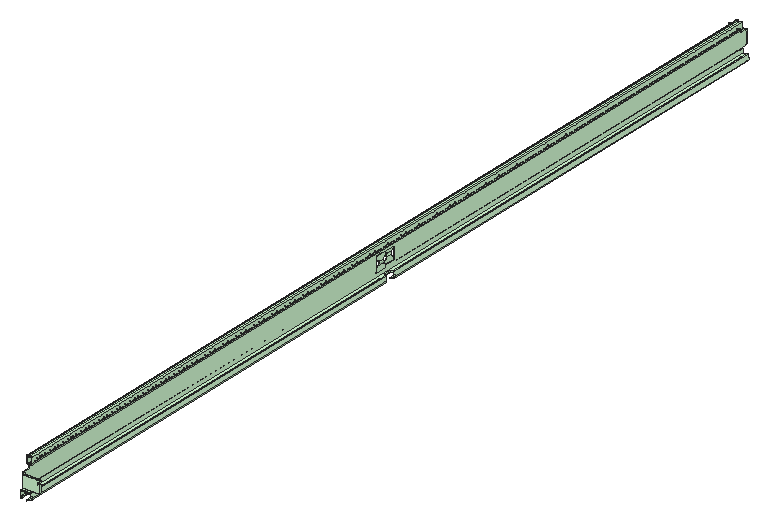
Revit family "eYバー4815メインクロス(640グリッド用)", category 機械設備, Revit 2020
Family settings
  丸型コネクタ寸法 = 直径を使用
  種別 = なし
  パーツ タイプ = 標準
  作業面ベース = いいえ
  常に垂直 = はい
  ロード時にボイドで切り取り = いいえ
  共有 = いいえ
  部屋計算ポイント = いいえ
Parameters
  製造元 = "株式会社桐井製作所"
  既定の高さ = 0 mm
  URL = "https://www.kirii.co.jp/"
  K_長さ(mm) = 1280 mm
  K_材質 = "溶融亜鉛めっき鋼板及び鋼帯SGCC 一般用　カラー鋼板"
  K_品名 = "eYバー4815メインクロス(640グリッド用)"
  K_名称 = "Yバー"
  K_入数 = "30"
  K_バージョン情報 = "20220411"
  K_めっき付着量 = "JIS G 3302 Z12、カラー鋼板　塗装膜厚20μ(白色)"
  K_JIS規格 = "JIS G 3302"
Reference planes
  plane 1 "中心(正面/背面)": y = 0
  plane 2: z = 0
  plane 3 "中心(左/右)": x = 0
  plane 4: y = 1195.297
Forms (mm)
  Extrusion 1, solid
    sketch origin (0, -1320, 7.1) x (-1, 0, 0) y (0, 0, 1)
      loop
        arc (6.336, -7.1) -> (7.064, -6.785) -> (7.334, -6.038) r 1
        line (7.334, -6.038) -> (6.959, -0.038)
        arc (6.959, -0.038) -> (6.645, 0.629) -> (5.961, 0.9) r 1
        line (5.961, 0.9) -> (0.4, 0.9) -> (0.4, 31)
        arc (0.4, 31) -> (0.715, 31.465) -> (1.263, 31.343) r 0.5
        arc (1.263, 31.343) -> (1.627, 31.018) -> (2.1, 30.9) r 1.011
        arc (2.1, 30.9) -> (2.736, 31.164) -> (3, 31.8) r 0.9
        line (3, 31.8) -> (3, 39.9)
        arc (3, 39.9) -> (2.473, 40.781) -> (1.448, 40.734) r 1
        line (1.448, 40.734) -> (0, 39.782) -> (-1.448, 40.734)
        arc (-1.448, 40.734) -> (-2.473, 40.781) -> (-3, 39.9) r 1
        line (-3, 39.9) -> (-3, 31.8)
        arc (-3, 31.8) -> (-2.736, 31.164) -> (-2.1, 30.9) r 0.9
        arc (-2.1, 30.9) -> (-1.627, 31.018) -> (-1.263, 31.343) r 1.011
        arc (-1.263, 31.343) -> (-0.715, 31.465) -> (-0.4, 31) r 0.5
        line (-0.4, 31) -> (-0.4, 0.9) -> (-5.961, 0.9)
        arc (-5.961, 0.9) -> (-6.645, 0.629) -> (-6.959, -0.036) r 1
        line (-6.959, -0.036) -> (-7.334, -6.039)
        arc (-7.334, -6.039) -> (-7.064, -6.785) -> (-6.336, -7.1) r 1
        line (-6.336, -7.1) -> (-3.65, -7.1)
        arc (-3.65, -7.1) -> (-3.4, -6.85) -> (-3.65, -6.6) r 0.25
        line (-3.65, -6.6) -> (-6.336, -6.6)
        arc (-6.336, -6.6) -> (-6.7, -6.442) -> (-6.835, -6.069) r 0.5
        line (-6.835, -6.069) -> (-6.46, -0.069)
        arc (-6.46, -0.069) -> (-6.2, 0.339) -> (-5.718, 0.337) r 0.5
        arc (-5.718, 0.337) -> (-5.317, 0.087) -> (-4.852, 0) r 1.28
        line (-4.852, 0) -> (4.852, 0)
        arc (4.852, 0) -> (5.317, 0.087) -> (5.718, 0.337) r 1.28
        arc (5.718, 0.337) -> (6.2, 0.339) -> (6.46, -0.069) r 0.5
        line (6.46, -0.069) -> (6.835, -6.069)
        arc (6.835, -6.069) -> (6.7, -6.442) -> (6.336, -6.6) r 0.5
        line (6.336, -6.6) -> (3.65, -6.6)
        arc (3.65, -6.6) -> (3.4, -6.85) -> (3.65, -7.1) r 0.25
        line (3.65, -7.1) -> (6.336, -7.1)
      loop
        arc (-1.668, 40.4) -> (-2.283, 40.429) -> (-2.6, 39.9) r 0.6
        line (-2.6, 39.9) -> (-2.6, 31.8)
        arc (-2.6, 31.8) -> (-2.302, 31.342) -> (-1.763, 31.431) r 0.5
        line (-1.763, 31.431) -> (-1.063, 31.885)
        arc (-1.063, 31.885) -> (-0.324, 31.692) -> (0, 31) r 0.9
        arc (0, 31) -> (0.324, 31.692) -> (1.063, 31.885) r 0.9
        line (1.063, 31.885) -> (1.763, 31.431)
        arc (1.763, 31.431) -> (2.302, 31.342) -> (2.6, 31.8) r 0.5
        line (2.6, 31.8) -> (2.6, 39.9)
        arc (2.6, 39.9) -> (2.283, 40.429) -> (1.668, 40.4) r 0.6
        line (1.668, 40.4) -> (0.549, 39.664)
        arc (0.549, 39.664) -> (0, 39.5) -> (-0.549, 39.664) r 1
        line (-0.549, 39.664) -> (-1.668, 40.4)
    from 1320 to 2515.298
  Extrusion 2, void
    sketch origin (0.4, 298.437, 38.1) x (0, 0, 1) y (0, 1, 0)
      loop
        line (-5.5, 284.4) -> (-5.5, 315.6) -> (-23.1, 315.6) -> (-23.1, 284.4) -> (-5.5, 284.4)
    from 0 to 0.8
  Extrusion 3, void
    sketch origin (0, 2111.297, 0) x (-1, 0, 0) y (0, -1, 0)
      loop
        line (8.021, 1505.493) -> (8.021, 1520.226) -> (3.318, 1516.682) -> (3.318, 1509.037) -> (8.021, 1505.493)
    from 0 to 8
  Extrusion 4, void
    sketch origin (0, 2111.297, 0) x (1, 0, 0) y (0, 1, 0)
      loop
        line (8.021, -1505.493) -> (3.318, -1509.037) -> (3.318, -1516.682) -> (8.021, -1520.226) -> (8.021, -1505.493)
    from 0 to 8
  Extrusion 5, solid
    sketch origin (-0.114, 4.062, 23.4) x (1, 0, 0) y (0, 1, 0)
      loop
        line (24.214, -7.2) -> (24.214, -6.4) -> (1.714, -6.4)
        arc (1.714, -6.4) -> (0.866, -6.049) -> (0.514, -5.2) r 1.2
        line (0.514, -5.2) -> (0.514, -2.803) -> (-0.286, -2.803) -> (-0.286, -5.2)
        arc (-0.286, -5.2) -> (0.3, -6.614) -> (1.714, -7.2) r 2
        line (1.714, -7.2) -> (24.214, -7.2)
    from -7.401 to 9.571
  Extrusion 6, void
    sketch origin (0, 4.062, 0) x (1, 0, 0) y (0, 0, 1)
      loop
        line (2.6, 31.999) -> (23.1, 31.999)
        arc (23.1, 31.999) -> (23.807, 31.706) -> (24.1, 30.999) r 1
        line (24.1, 30.999) -> (24.1, 32.971) -> (2.6, 32.971) -> (2.6, 31.999)
    from 6.4 to 7.2
  Extrusion 7, void
    sketch origin (0, 4.062, 0) x (1, 0, 0) y (0, 0, 1)
      loop
        line (24.1, 26.599) -> (24.1, 28.599) -> (21.1, 28.599) -> (21.1, 26.599) -> (24.1, 26.599)
    from 6.4 to 7.2
  Extrusion 8, void
    sketch origin (0, 4.062, 0) x (1, 0, 0) y (0, 0, 1)
      loop
        line (24.1, 15.999) -> (24.1, 16.999)
        arc (24.1, 16.999) -> (23.329, 16.289) -> (22.322, 15.999) r 2.28
        line (22.322, 15.999) -> (24.1, 15.999)
    from 6.4 to 7.2
  Extrusion 9, void
    sketch origin (0, 0, 0) x (1, 0, 0) y (0, 1, 0)
      loop
        line (-7.486, 0) -> (-3.854, 0) -> (-7.486, 3.632) -> (-7.486, 0)
    from -0.436 to 1.326
  Extrusion 10, void
    sketch origin (0, 0, 0) x (0, 1, 0) y (0, 0, 1)
      loop
        line (9.063, 48.134) -> (0, 48.134) -> (0, 32.971) -> (9.063, 32.971) -> (9.063, 48.134)
    from -3.77 to 3.77
  Extrusion 11, void
    sketch origin (0, 0, 0) x (0, 1, 0) y (0, 0, 1)
      loop
        line (10.963, 11.971) -> (10.963, 14.971) -> (0, 14.971) -> (0, 1.326) -> (3.047, 1.326) -> (3.047, 11.971) -> (10.963, 11.971)
    from -7.486 to 8.021
  Extrusion 12, void
    sketch origin (0, 0, 0) x (-1, 0, 0) y (0, -1, 0)
      loop
        line (-7.486, 0) -> (-7.486, -3.632) -> (-3.854, 0) -> (-7.486, 0)
    from -0.436 to 1.326
  Extrusion 13, void
    sketch origin (0.4, 316.629, 38.412) x (0, 0, 1) y (0, 1, 0)
      loop
        line (-19.9, 284.4) -> (-8.7, 284.4)
        arc (-8.7, 284.4) -> (-14.3, 287.9) -> (-19.9, 284.4) r 6.23
      loop
        line (-8.7, 297.4) -> (-19.9, 297.4)
        arc (-19.9, 297.4) -> (-14.3, 293.9) -> (-8.7, 297.4) r 6.23
    from 1.2 to 3.447
  Extrusion 14, solid
    sketch origin (0.081, 316.638, -0.26) x (1, 0, 0) y (0, 0, 1)
      loop
        line (-0.387, 33.66) -> (-2.087, 33.66) -> (-2.087, 26.56)
        arc (-2.087, 26.56) -> (-3.087, 24.26) -> (-2.088, 21.96) r 3.145
        line (-2.088, 21.96) -> (-2.087, 14.46) -> (-0.387, 14.46) -> (-0.387, 15.26) -> (-1.487, 15.26) -> (-1.487, 22.238)
        arc (-1.487, 22.238) -> (-2.487, 24.267) -> (-1.476, 26.291) r 2.545
        line (-1.476, 26.291) -> (-1.476, 32.86) -> (-0.387, 32.86) -> (-0.387, 33.66)
    from -297.4 to -284.4
  Extrusion 15, solid
    sketch origin (-0.081, 298.437, -0.26) x (-1, 0, 0) y (0, 0, -1)
      loop
        line (-0.387, -33.66) -> (-0.387, -32.86) -> (-1.476, -32.86) -> (-1.476, -26.291)
        arc (-1.476, -26.291) -> (-2.487, -24.267) -> (-1.487, -22.238) r 2.545
        line (-1.487, -22.238) -> (-1.487, -15.26) -> (-0.387, -15.26) -> (-0.387, -14.46) -> (-2.087, -14.46) -> (-2.088, -21.96)
        arc (-2.088, -21.96) -> (-3.087, -24.26) -> (-2.087, -26.56) r 3.145
        line (-2.087, -26.56) -> (-2.087, -33.66) -> (-0.387, -33.66)
    from -297.4 to -284.4
  Extrusion 16, void
    sketch origin (-0.4, 298.429, 38.413) x (0, 0, 1) y (0, -1, 0)
      loop
        arc (-19.9, -284.4) -> (-14.3, -287.9) -> (-8.7, -284.4) r 6.23
        line (-8.7, -284.4) -> (-19.9, -284.4)
      loop
        arc (-8.7, -297.4) -> (-14.3, -293.9) -> (-19.9, -297.4) r 6.23
        line (-19.9, -297.4) -> (-8.7, -297.4)
    from 1.2 to 3.447
  Extrusion 17, void
    sketch origin (0, 1195.297, 0) x (0, -1, 0) y (0, 0, -1)
      loop
        line (10.963, -11.971) -> (3.047, -11.971) -> (3.047, -1.326) -> (0, -1.326) -> (0, -14.971) -> (10.963, -14.971) -> (10.963, -11.971)
    from -7.486 to 8.021
  Extrusion 18, void
    sketch origin (0, 1195.297, 0) x (1, 0, 0) y (0, 1, 0)
      loop
        line (-7.486, 0) -> (-7.486, -3.632) -> (-3.854, 0) -> (-7.486, 0)
    from -0.436 to 1.326
  Extrusion 19, void
    sketch origin (0, 1195.297, 0) x (0, -1, 0) y (0, 0, -1)
      loop
        line (9.063, -48.134) -> (9.063, -32.971) -> (0, -32.971) -> (0, -48.134) -> (9.063, -48.134)
    from -3.77 to 3.77
  Extrusion 20, solid
    sketch origin (0.114, 1192.797, 23.4) x (-1, 0, 0) y (0, -1, 0)
      loop
        line (24.214, -7.2) -> (24.214, -6.4) -> (1.714, -6.4)
        arc (1.714, -6.4) -> (0.866, -6.049) -> (0.514, -5.2) r 1.2
        line (0.514, -5.2) -> (0.514, -2.5) -> (-0.286, -2.5) -> (-0.286, -5.2)
        arc (-0.286, -5.2) -> (0.3, -6.614) -> (1.714, -7.2) r 2
        line (1.714, -7.2) -> (24.214, -7.2)
    from -7.401 to 8.599
  Extrusion 21, void
    sketch origin (0, 1202.335, 0) x (-1, 0, 0) y (0, 0, -1)
      loop
        line (23.1, -31.999) -> (24.1, -31.999) -> (24.1, -30.999)
        arc (24.1, -30.999) -> (23.807, -31.706) -> (23.1, -31.999) r 1
    from 2.337 to 3.137
  Extrusion 22, void
    sketch origin (0, 1206.397, 0) x (-1, 0, 0) y (0, 0, -1)
      loop
        line (24.1, -26.599) -> (21.1, -26.599) -> (21.1, -28.599) -> (24.1, -28.599) -> (24.1, -26.599)
    from 6.4 to 7.2
  Extrusion 23, void
    sketch origin (0, 1206.397, 0) x (-1, 0, 0) y (0, 0, -1)
      loop
        line (24.1, -15.999) -> (22.322, -15.999)
        arc (22.322, -15.999) -> (23.329, -16.289) -> (24.1, -16.999) r 2.28
        line (24.1, -16.999) -> (24.1, -15.999)
    from 6.4 to 7.2
  Extrusion 24, void
    sketch origin (0, 1195.297, 0) x (-1, 0, 0) y (0, -1, 0)
      loop
        line (-7.486, 0) -> (-3.854, 0) -> (-7.486, 3.632) -> (-7.486, 0)
    from -0.436 to 1.326
Cuts and joins
  Extrusion 2, Extrusion 3, Extrusion 4, Extrusion 9, Extrusion 10, Extrusion 11, Extrusion 12, Extrusion 17, Extrusion 18, Extrusion 19, Extrusion 24 cuts Extrusion 1
  Extrusion 6, Extrusion 7, Extrusion 8, Extrusion 11, Extrusion 17, Extrusion 18, Extrusion 19 cuts Extrusion 5
  Extrusion 13, Extrusion 17, Extrusion 18, Extrusion 19 cuts Extrusion 14
  Extrusion 16, Extrusion 17, Extrusion 18, Extrusion 19 cuts Extrusion 15
  Extrusion 21, Extrusion 22, Extrusion 23 cuts Extrusion 20
  joined: Extrusion 1, Extrusion 5, Extrusion 14, Extrusion 15, Extrusion 20
Dimensions and locks
  plane 4 to plane 1 "中心(正面/背面)" = 1195.297 mm
  aligned and locked: level to plane 2
  aligned and locked: plane 4 to Extrusion 1
